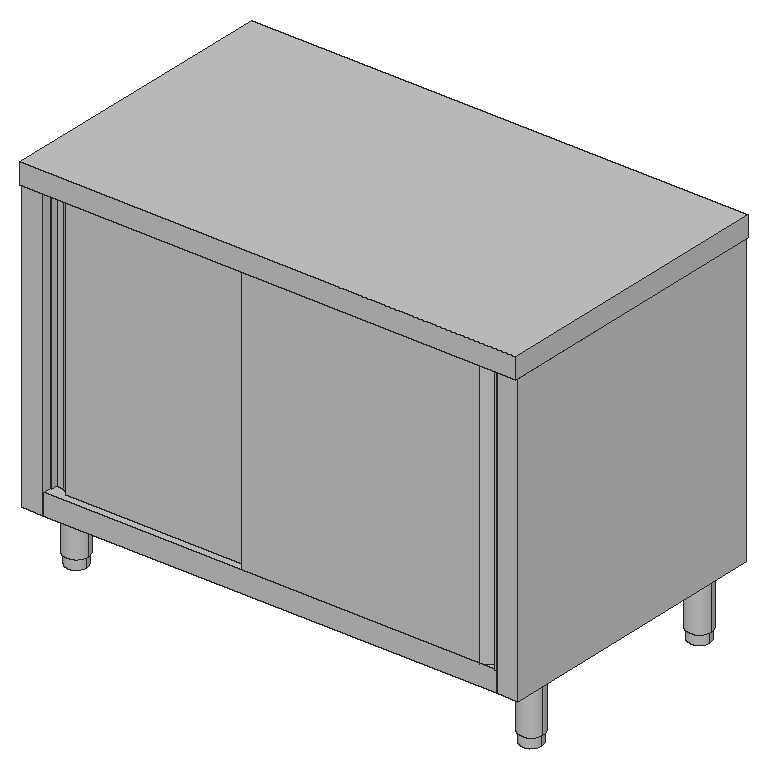
Revit family "QF_ELECTROLUXPROFESSIONAL_132783_MTND1200PN", category Attrezzature speciali, Revit 2020
Family settings
  Quota connettore circolare = Usa diametro
  Tipo di parte = Normale
  Basato su piano di lavoro = No
  Sempre verticale = Sì
  Taglio con vuoti quando caricato = No
  Condiviso = No
  Punto di calcolo locali = No
Parameters (values of type "Standard")
  Weight = 55.00 kg
  Watts = 0 W
  Volts = 0 V
  URL Manufacturer = "https://www.electroluxprofessional.com/"
  URL = "https://www.electroluxprofessional.com/"
  Steam Supply Size = 0 mm
  Steam Supply Minimum Pressure = 0.0 Pa
  Steam Supply Maximum Pressure = 0.0 Pa
  Steam Consumption per Hour = 0
  Refrigeration Suction Line Size = 0.0 mm
  Refrigeration Liquid Line Size = 0.0 mm
  Refrigerant Compressor Remote = yes
  Prospetto di default = 0.0 mm
  Produttore = "Electrolux Professional"
  Phase = 0
  Modello = "MTND1200PN"
  Length Actual = 1200.0 mm  # constant formula
  Item Number = "132783"
  Hot Water Size = 0 mm
  Height Actual = 900.0 mm  # constant formula
  HP = "0 HP"
  Gas Size = 0 mm
  Gas KW = 0
  Gas Input Pressure = 0 W
  Direct Waste Size = 0 mm
  Descrizione = "WORKTOP CUPB.PASSTH+SHELF+SLIDING D.1200"
  Depth Actual = 700.0 mm  # constant formula
  Cycle = 0 Hz
  Condensate Return Size = 0 mm
  Compressed Air Volume = 0.0 L/s
  Compressed Air Size = 0 mm
  Compressed Air Pressure = 0.0 Pa
  Cold Water Size = 0 mm
  Accessory = yes
Reference planes
  plane 1 "Center (Front/Back)": y = 0
  plane 2: z = 0
  plane 3 "Center (Left/Right)": x = -100
  plane 4 "LEFT": x = -700
  plane 5 "RIGHT": x = 500
  plane 6 "BACK": y = 350
  plane 7 "FRONT": y = -350
  plane 8 "Base": z = 850
  plane 9 "TOP": z = 900
  plane 10: x = -650
  plane 11: x = 450
  plane 12: y = 267
  plane 13: y = -241.9
  plane 14 "BodyLeft": x = -699
  plane 15 "BodyFront": y = -344.5
  plane 16 "BodyRight": x = 499
  plane 17 "BodyBack": y = 344.5
  plane 18 "FEET": z = 150
  plane 19: x = -31
  plane 20: x = -169
Forms (mm)
  Extrusion 1, solid, material "QF_Finishes_Stainless Steel"
    sketch origin (-100, 0, 0) x (0, 1, 0) y (0, 0, 1)
      loop
        line (-350, 850) -> (350, 850) -> (350, 900) -> (-350, 900) -> (-350, 850)
    from 600 to -600
  Extrusion 2, solid, material "QF_Finishes_Stainless Steel"
    sketch origin (0, 0, 150) x (-1, 0, 0) y (0, -1, 0)
      loop
        line (699, -344.5) -> (699, 344.5) -> (649, 344.5) -> (649, -344.5) -> (699, -344.5)
      loop
        line (-449, -344.5) -> (-449, 344.5) -> (-499, 344.5) -> (-499, -344.5) -> (-449, -344.5)
    from 0 to 700
  Extrusion 3, solid, material "QF_Finishes_Stainless Steel"
    sketch origin (0, 0, 150) x (-1, 0, 0) y (0, -1, 0)
      loop
        line (649, -344.5) -> (649, 344.5) -> (-449, 344.5) -> (-449, -344.5) -> (649, -344.5)
    from 0 to 50
  Extrusion 4, solid, material "QF_Finishes_Stainless Steel"
    sketch origin (0, 0, 150) x (-1, 0, 0) y (0, -1, 0)
      loop
        line (-449, 344.5) -> (-449, 324.5) -> (169, 324.5) -> (169, 344.5) -> (-409, 344.5) -> (-429, 329.5) -> (-444, 329.5) -> (-444, 344.5) -> (-449, 344.5)
    from 50 to 700
  Extrusion 5, solid, material "QF_Finishes_Stainless Steel"
    sketch origin (0, 20, 150) x (1, 0, 0) y (0, 1, 0)
      loop
        line (-649, -344.5) -> (-644, -344.5) -> (-644, -329.5) -> (-629, -329.5) -> (-609, -344.5) -> (-31, -344.5) -> (-31, -324.5) -> (-649, -324.5) -> (-649, -344.5)
    from 50 to 700
  Extrusion 6, solid, material "QF_Finishes_Stainless Steel"
    sketch origin (0, 0, 150) x (-1, 0, 0) y (0, -1, 0)
      loop
        line (-447.6, -344.5) -> (-442.6, -344.5) -> (-442.6, -329.5) -> (-427.6, -329.5) -> (-407.6, -344.5) -> (169, -344.5) -> (169, -324.5) -> (-447.6, -324.5) -> (-447.6, -344.5)
    from 50 to 700
  Extrusion 7, solid, material "QF_Finishes_Stainless Steel"
    sketch origin (0, -20, 150) x (1, 0, 0) y (0, 1, 0)
      loop
        line (-647.6, 344.5) -> (-647.6, 324.5) -> (-31, 324.5) -> (-31, 344.5) -> (-607.6, 344.5) -> (-627.6, 329.5) -> (-642.6, 329.5) -> (-642.6, 344.5) -> (-647.6, 344.5)
    from 50 to 700
  Extrusion 8, solid, material "QF_Finishes_Stainless Steel"
    sketch origin (0, 0, 0) x (1, 0, 0) y (0, 1, 0)
      loop
        line (-649, -304.5) -> (449, -304.5) -> (449, 304.5) -> (-649, 304.5) -> (-649, -304.5)
    from 500 to 540
Lines and regions (mm)
  symbolic lines
    curve 1: line (500, 350, 900) -> (-700, 350, 900)
    curve 2: line (-700, 350, 900) -> (-700, -350, 900)
    curve 3: line (-700, -350, 900) -> (500, -350, 900)
    curve 4: line (500, -350, 900) -> (500, 350, 900)
  symbolic lines, style "SpecialityEquipmentHiddenLines"
    curve 5: line (-699, 344.5, 150) -> (499, 344.5, 150)
    curve 6: line (-699, -344.5, 150) -> (-699, 344.5, 150)
    curve 7: line (499, -344.5, 150) -> (-699, -344.5, 150)
    curve 8: line (499, 344.5, 150) -> (499, -344.5, 150)
    curve 9: line (-649, -304.5, 150) -> (-31, -304.5, 150)
    curve 10: line (-31, -304.5, 150) -> (-31, -324.5, 150)
    curve 11: line (-649, -324.5, 150) -> (449, -324.5, 150)
    curve 12: line (449, -324.5, 150) -> (449, -344.5, 150)
    curve 13: line (-169, -324.5, 150) -> (-169, -344.5, 150)
    curve 14: line (-649, -304.5, 150) -> (-649, -324.5, 150)
Dimensions and locks
  plane 4 "LEFT" to plane 5 "RIGHT" = 1200.0 mm
  equal spacing: plane 4 "LEFT", plane 3 "Center (Left/Right)", plane 5 "RIGHT"
  locked: plane 8 "Base" to level at 850
  plane 9 "TOP" to level = 900.0 mm
  plane 6 "BACK" to plane 7 "FRONT" = 700.0 mm
  equal spacing: plane 6 "BACK", plane 1 "Center (Front/Back)", plane 7 "FRONT"
  locked: plane 4 "LEFT" to plane 14 "BodyLeft" at 1
  locked: plane 16 "BodyRight" to plane 5 "RIGHT" at 1
  locked: plane 15 "BodyFront" to plane 7 "FRONT" at 5.5
  locked: plane 6 "BACK" to plane 17 "BodyBack" at 5.5
  locked: plane 14 "BodyLeft" to plane 10 at 49
  locked: plane 11 to plane 16 "BodyRight" at 49
  locked: plane 13 to plane 15 "BodyFront" at 102.6
  locked: plane 17 "BodyBack" to plane 12 at 77.5
  plane 10 to plane 11 = 1100.0 mm
  plane 12 to plane 13 = 508.9 mm
  locked: plane 14 "BodyLeft" to Extrusion 2 sketch curve at 50
  locked: Extrusion 2 sketch curve to Extrusion 2 sketch curve at 50
  plane 20 to plane 3 "Center (Left/Right)" = 69.0 mm
  plane 3 "Center (Left/Right)" to plane 19 = 69.0 mm
  locked: plane 18 "FEET" to level at 150
  aligned and locked: level to plane 2
  aligned and locked: plane 10 to nested 1
  aligned and locked: nested 1 to plane 13
  aligned and locked: plane 11 to nested 2
  aligned and locked: nested 2 to plane 13
  aligned and locked: plane 11 to nested 4
  aligned and locked: nested 4 to plane 12
  aligned and locked: plane 10 to nested 3
  aligned and locked: nested 3 to plane 12
  aligned and locked: Extrusion 1 to plane 4 "LEFT"
  aligned and locked: plane 5 "RIGHT" to Extrusion 1
  aligned and locked: curve 2 to plane 4 "LEFT"
  aligned and locked: plane 17 "BodyBack" to Extrusion 2 sketch curve
  aligned and locked: Extrusion 2 sketch curve to plane 15 "BodyFront"
  aligned and locked: Extrusion 2 sketch curve to plane 14 "BodyLeft"
  aligned and locked: plane 16 "BodyRight" to Extrusion 2 sketch curve
  aligned and locked: Extrusion 2 sketch curve to plane 17 "BodyBack"
  aligned and locked: plane 15 "BodyFront" to Extrusion 2 sketch curve
  aligned and locked: Extrusion 3 sketch curve to plane 17 "BodyBack"
  aligned and locked: plane 15 "BodyFront" to Extrusion 3 sketch curve
  aligned and locked: plane 8 "Base" to Extrusion 2
  aligned and locked: plane 8 "Base" to Extrusion 4
  aligned and locked: Extrusion 4 to Extrusion 3
  aligned and locked: Extrusion 5 sketch curve to plane 19
  aligned and locked: Extrusion 4 sketch curve to plane 20
  aligned and locked: Extrusion 1 to plane 8 "Base"
  aligned and locked: plane 9 "TOP" to Extrusion 1
  aligned and locked: curve 5 to plane 17 "BodyBack"
  aligned and locked: plane 14 "BodyLeft" to curve 6
  aligned and locked: plane 15 "BodyFront" to curve 7
  aligned and locked: plane 16 "BodyRight" to curve 8
  aligned and locked: Extrusion 3 to Extrusion 2  (x2)
  aligned and locked: Extrusion 8 sketch curve to Extrusion 7
  aligned and locked: Extrusion 8 sketch curve to Extrusion 2  (x2)
  aligned and locked: Extrusion 8 sketch curve to Extrusion 5
Automatic sketch dimensions
  curve 3 to plane 7 "FRONT" = 0.0 mm
  curve 4 to plane 6 "BACK" = 0.0 mm
  Extrusion 1 sketch curve to plane 7 "FRONT" = 0.0 mm
  Extrusion 1 sketch curve to plane 6 "BACK" = 0.0 mm
  Extrusion 1 sketch curve to plane 8 "Base" = 0.0 mm
  Extrusion 1 sketch curve to plane 9 "TOP" = 0.0 mm
  Extrusion 3 sketch curve to plane 11 = 1.0 mm
  plane 10 to Extrusion 3 sketch curve = 1.0 mm
  Extrusion 4 sketch curve to plane 15 "BodyFront" = 0.0 mm  (x2)
  Extrusion 4 sketch curve to plane 11 = 41.0 mm
  Extrusion 4 sketch curve to plane 11 = 21.0 mm
  Extrusion 4 sketch curve to plane 11 = 6.0 mm
  Extrusion 4 sketch curve to plane 11 = 1.0 mm
  plane 15 "BodyFront" to Extrusion 4 sketch curve = 15.0 mm
  plane 15 "BodyFront" to Extrusion 4 sketch curve = 20.0 mm
  Extrusion 5 sketch curve to plane 15 "BodyFront" = 20.0 mm  (x2)
  Extrusion 5 sketch curve to plane 10 = 41.0 mm
  Extrusion 5 sketch curve to plane 10 = 21.0 mm
  Extrusion 5 sketch curve to plane 10 = 6.0 mm
  Extrusion 5 sketch curve to plane 10 = 1.0 mm
  Extrusion 5 sketch curve to Extrusion 5 sketch curve = 15.0 mm
  Extrusion 5 sketch curve to Extrusion 5 sketch curve = 20.0 mm
  curve 10 to plane 19 = 0.0 mm
  curve 13 to plane 20 = 0.0 mm
  curve 11 to plane 11 = 1.0 mm
  plane 10 to curve 11 = 1.0 mm
  plane 15 "BodyFront" to curve 9 = 40.0 mm
  curve 12 to curve 12 = 20.0 mm
  Extrusion 6 sketch curve to plane 17 "BodyBack" = 0.0 mm  (x2)
  Extrusion 6 sketch curve to plane 20 = 0.0 mm
  plane 11 to Extrusion 6 sketch curve = 42.4 mm
  plane 11 to Extrusion 6 sketch curve = 22.4 mm
  plane 11 to Extrusion 6 sketch curve = 7.4 mm
  plane 11 to Extrusion 6 sketch curve = 2.4 mm
  plane 17 "BodyBack" to Extrusion 6 sketch curve = 15.0 mm
  plane 17 "BodyBack" to Extrusion 6 sketch curve = 20.0 mm
  Extrusion 7 sketch curve to plane 19 = 0.0 mm
  Extrusion 7 sketch curve to plane 17 "BodyBack" = 20.0 mm  (x2)
  plane 10 to Extrusion 7 sketch curve = 42.4 mm
  plane 10 to Extrusion 7 sketch curve = 22.4 mm
  plane 10 to Extrusion 7 sketch curve = 7.4 mm
  plane 10 to Extrusion 7 sketch curve = 2.4 mm
  Extrusion 7 sketch curve to Extrusion 7 sketch curve = 15.0 mm
  Extrusion 7 sketch curve to Extrusion 7 sketch curve = 20.0 mm
  curve 4 to plane 5 "RIGHT" = 0.0 mm
Nested families
  nested 1: "FEET_D58-150" at (-650, -241.9, 0), type "FEET_D58-150"
  nested 2: "FEET_D58-150" at (450, -241.9, 0), type "FEET_D58-150"
  nested 3: "FEET_D58-150" at (-650, 267, 0), type "FEET_D58-150"
  nested 4: "FEET_D58-150" at (450, 267, 0), type "FEET_D58-150"
Definition of nested family "FEET_D58-150"
  Parameters
    Default Elevation = 0.0 mm
    FEET = 150.0 mm
  Reference planes
    plane 1 "Center (Front/Back)": y = 0
    plane 2: z = 0
    plane 3 "Center (Left/Right)": x = 0
    plane 4: z = 150
  Forms (mm)
    Extrusion 1, solid
      sketch origin (0, 0, 0) x (1, 0, 0) y (0, 1, 0)
        loop
          circle (0, 0) r 25
      from 0 to 25
    Extrusion 2, solid
      sketch origin (0, 0, 0) x (1, 0, 0) y (0, 1, 0)
        loop
          circle (0.061, 0) r 29
      from 25 to 150 <- "FEET"
  Lines and regions (mm)
    symbolic lines
      curve 1: line (0, -1.503, 0) -> (0, 1.508, 0)
      curve 2: line (1.561, 0, 0) -> (-1.439, 0, 0)
  Dimensions and locks
    "FEET": plane 4 to plane 2
    aligned and locked: level to plane 2
  Automatic sketch dimensions
    plane 1 "Center (Front/Back)" to Extrusion 1 sketch curve = 0.0 mm
    Extrusion 1 sketch curve to plane 3 "Center (Left/Right)" = 0.0 mm
    plane 1 "Center (Front/Back)" to curve 2 = 0.0 mm
    curve 1 to plane 3 "Center (Left/Right)" = 0.0 mm
    curve 2 to plane 3 "Center (Left/Right)" = 1.439 mm
    plane 3 "Center (Left/Right)" to curve 2 = 1.561 mm
    plane 1 "Center (Front/Back)" to curve 1 = 1.503 mm
    curve 1 to plane 1 "Center (Front/Back)" = 1.508 mm
    plane 1 "Center (Front/Back)" to Extrusion 2 sketch curve = 0.0 mm
    plane 3 "Center (Left/Right)" to Extrusion 2 sketch curve = 0.061 mm
    radius of Extrusion 1 sketch curve = 25.0 mm
    radius of Extrusion 2 sketch curve = 29.0 mm
